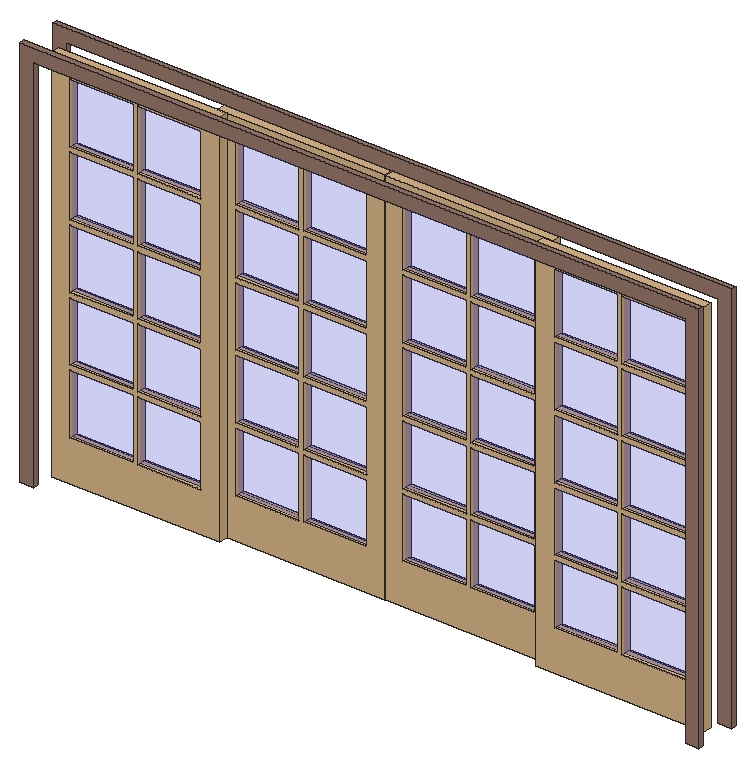
Revit family "0077_M_DR_W_sliding-4 panel 2", category 문, Revit 2026
Family settings
  호스트 = 벽
  항상 수직 = 예
  로드될 때 보이드를 사용하여 절단 = 아니오
  공유 = 아니오
  룸 계산 점 = 아니오
Parameters (values of type "144" x 84"")
  기능 = 내부
  Top Rail = 0' - 4"
  두께 = 0' - 2"
  Stile Width = 0' - 4"
  Muntin = 0' - 1"
  Bottom Rail = 0' - 9"
  조합 코드 = "C1020"
  Door Material = Door - Panel
  Frame Material = Door - Frame
  Height = 7' - 0"
  Trim Projection Ext = 0' - 1"
  Trim Projection Int = 0' - 1"
  Trim Width = 0' - 3"
  벽 마무리 = 호스트별
  Width = 12' - 0"
Types (7): name | Top Rail | 두께 | Stile Width | Muntin | Bottom Rail | 조합 코드 | Height | Trim Projection Ext | Trim Projection Int | Trim Width | Width
  144" x 84" | 0' - 4" | 0' - 2" | 0' - 4" | 0' - 1" | 0' - 9" | "C1020" | 7' - 0" | 0' - 1" | 0' - 1" | 0' - 3" | 12' - 0"
  120" x 80" | 0' - 4" | 0' - 2" | 0' - 4" | 0' - 1" | 0' - 9" | "C1020" | 6' - 8" | 0' - 1" | 0' - 1" | 0' - 3" | 10' - 0"
  192" x 84" | 0' - 4" | 0' - 2" | 0' - 4" | 0' - 1" | 0' - 9" | "C1020" | 7' - 0" | 0' - 1" | 0' - 1" | 0' - 3" | 16' - 0"
  192" x 80" | 0' - 4" | 0' - 2" | 0' - 4" | 0' - 1" | 0' - 9" | "C1020" | 6' - 8" | 0' - 1" | 0' - 1" | 0' - 3" | 16' - 0"
  120" x 84" | 0' - 4" | 0' - 2" | 0' - 4" | 0' - 1" | 0' - 9" | "C1020" | 7' - 0" | 0' - 1" | 0' - 1" | 0' - 3" | 10' - 0"
  144" x 80" | 0' - 4" | 0' - 2" | 0' - 4" | 0' - 1" | 0' - 9" | "C1020" | 6' - 8" | 0' - 1" | 0' - 1" | 0' - 3" | 12' - 0"
  3658 x 2134mm | 0' - 3.93701" | 0' - 1.9685" | 0' - 3.93701" | 0' - 0.98425" | 0' - 9.44882" | 0' - 0" | 7' - 0.01575" | 0' - 0.98425" | 0' - 0.98425" | 0' - 2.95276" | 12' - 0.01575"
Reference planes (in)
  plane 1: y = 0
  plane 2: z = 0
  plane 3: x = 0
  plane 4: x = -72
  plane 5: x = 72
  plane 6: z = 84
  plane 7: y = 9
  plane 8: y = 1
  plane 9: x = 1
  plane 10: x = -1
  plane 11: z = 80
  plane 12: x = 68
  plane 13: z = 9
  plane 14: z = 80
  plane 15: z = 9
  plane 16: x = -4
  plane 17: z = 81
  plane 18: z = 66.6
  plane 19: z = 52.2
  plane 20: z = 37.8
  plane 21: z = 23.4
  plane 22: z = 65.6
  plane 23: z = 51.2
  plane 24: z = 36.8
  plane 25: z = 22.4
  plane 26: y = 7
  plane 27: y = 5
  plane 28: z = 66.6
  plane 29: z = 52.2
  plane 30: z = 37.8
  plane 31: z = 23.4
  plane 32: z = 81
  plane 33: z = 65.6
  plane 34: z = 51.2
  plane 35: z = 36.8
  plane 36: z = 22.4
  plane 37: x = 36
  plane 38: x = -36
  plane 39: x = 35
  plane 40: x = 37
  plane 41: x = -35
  plane 42: x = -37
  plane 43: x = 53.5
  plane 44: x = 39
  plane 45: x = -33
  plane 46: x = -18.5
  plane 47: x = -53.5
  plane 48: x = -68
  plane 49: x = -39
  plane 50: x = 18.5
  plane 51: x = 33
  plane 52: x = 4
Forms (in)
  Extrusion 1, solid, material "Door - Frame" <- "Frame Material"
    sketch origin (-60, 9, 0) x (-1, 0, 0) y (0, 0, 1)
      loop
        line (-132, 0) -> (-132, 84) -> (12, 84) -> (12, 0) -> (15, 0) -> (15, 87) -> (-135, 87) -> (-135, 0) -> (-132, 0)
    from 0 to 1
  Extrusion 2, solid, material "Door - Frame" <- "Frame Material"
    sketch origin (0, 1, 0) x (0, 0, -1) y (-1, 0, 0)
      loop
        line (0, 72) -> (0, 75) -> (-87, 75) -> (-87, -75) -> (0, -75) -> (0, -72) -> (-84, -72) -> (-84, 72) -> (0, 72)
    from 0 to -1
  Extrusion 3, solid, material "Door - Panel" <- "Door Material"
    sketch origin (-60, 9, 0) x (-1, 0, 0) y (0, 0, 1)
      loop
        line (-132, 84) -> (-132, 0) -> (-95, 0) -> (-95, 84) -> (-132, 84)
      loop
        line (-128, 80) -> (-128, 66.6) -> (-114, 66.6) -> (-114, 80) -> (-128, 80)
      loop
        line (-128, 9) -> (-114, 9) -> (-114, 22.4) -> (-128, 22.4) -> (-128, 9)
      loop
        line (-128, 65.6) -> (-128, 52.2) -> (-114, 52.2) -> (-114, 65.6) -> (-128, 65.6)
      loop
        line (-128, 51.2) -> (-128, 37.8) -> (-114, 37.8) -> (-114, 51.2) -> (-128, 51.2)
      loop
        line (-128, 23.4) -> (-114, 23.4) -> (-114, 36.8) -> (-128, 36.8) -> (-128, 23.4)
      loop
        line (-99, 37.8) -> (-99, 51.2) -> (-113, 51.2) -> (-113, 37.8) -> (-99, 37.8)
      loop
        line (-99, 36.8) -> (-113, 36.8) -> (-113, 23.4) -> (-99, 23.4) -> (-99, 36.8)
      loop
        line (-99, 9) -> (-99, 22.4) -> (-113, 22.4) -> (-113, 9) -> (-99, 9)
      loop
        line (-99, 80) -> (-113, 80) -> (-113, 66.6) -> (-99, 66.6) -> (-99, 80)
      loop
        line (-99, 65.6) -> (-113, 65.6) -> (-113, 52.2) -> (-99, 52.2) -> (-99, 65.6)
      loop
        line (-25, 84) -> (-25, 0) -> (12, 0) -> (12, 84) -> (-25, 84)
      loop
        line (-21, 80) -> (-21, 66.6) -> (-7, 66.6) -> (-7, 80) -> (-21, 80)
      loop
        line (-21, 9) -> (-7, 9) -> (-7, 22.4) -> (-21, 22.4) -> (-21, 9)
      loop
        line (8, 9) -> (8, 22.4) -> (-6, 22.4) -> (-6, 9) -> (8, 9)
      loop
        line (8, 80) -> (-6, 80) -> (-6, 66.6) -> (8, 66.6) -> (8, 80)
      loop
        line (8, 65.6) -> (-6, 65.6) -> (-6, 52.2) -> (8, 52.2) -> (8, 65.6)
      loop
        line (8, 51.2) -> (-6, 51.2) -> (-6, 37.8) -> (8, 37.8) -> (8, 51.2)
      loop
        line (8, 36.8) -> (-6, 36.8) -> (-6, 23.4) -> (8, 23.4) -> (8, 36.8)
      loop
        line (-21, 23.4) -> (-7, 23.4) -> (-7, 36.8) -> (-21, 36.8) -> (-21, 23.4)
      loop
        line (-21, 37.8) -> (-7, 37.8) -> (-7, 51.2) -> (-21, 51.2) -> (-21, 37.8)
      loop
        line (-21, 52.2) -> (-7, 52.2) -> (-7, 65.6) -> (-21, 65.6) -> (-21, 52.2)
    from -4 to -2
  Extrusion 4, solid, material "Door - Panel" <- "Door Material"
    sketch origin (-60, 9, 0) x (-1, 0, 0) y (0, 0, 1)
      loop
        line (-60, 84) -> (-60, 0) -> (-23, 0) -> (-23, 84) -> (-60, 84)
      loop
        line (-56, 80) -> (-56, 66.6) -> (-42, 66.6) -> (-42, 80) -> (-56, 80)
      loop
        line (-56, 9) -> (-42, 9) -> (-42, 22.4) -> (-56, 22.4) -> (-56, 9)
      loop
        line (-56, 52.2) -> (-42, 52.2) -> (-42, 65.6) -> (-56, 65.6) -> (-56, 52.2)
      loop
        line (-27, 66.6) -> (-27, 80) -> (-41, 80) -> (-41, 66.6) -> (-27, 66.6)
      loop
        line (-27, 65.6) -> (-41, 65.6) -> (-41, 52.2) -> (-27, 52.2) -> (-27, 65.6)
      loop
        line (-27, 51.2) -> (-41, 51.2) -> (-41, 37.8) -> (-27, 37.8) -> (-27, 51.2)
      loop
        line (-56, 37.8) -> (-42, 37.8) -> (-42, 51.2) -> (-56, 51.2) -> (-56, 37.8)
      loop
        line (-27, 36.8) -> (-41, 36.8) -> (-41, 23.4) -> (-27, 23.4) -> (-27, 36.8)
      loop
        line (-56, 23.4) -> (-42, 23.4) -> (-42, 36.8) -> (-56, 36.8) -> (-56, 23.4)
      loop
        line (-27, 9) -> (-27, 22.4) -> (-41, 22.4) -> (-41, 9) -> (-27, 9)
      loop
        line (-97, 84) -> (-97, 0) -> (-60.125, 0) -> (-60.125, 84) -> (-97, 84)
      loop
        line (-79, 80) -> (-93, 80) -> (-93, 66.6) -> (-79, 66.6) -> (-79, 80)
      loop
        line (-78, 9) -> (-64, 9) -> (-64, 22.4) -> (-78, 22.4) -> (-78, 9)
      loop
        line (-78, 66.6) -> (-64, 66.6) -> (-64, 80) -> (-78, 80) -> (-78, 66.6)
      loop
        line (-78, 65.6) -> (-78, 52.2) -> (-64, 52.2) -> (-64, 65.6) -> (-78, 65.6)
      loop
        line (-79, 65.6) -> (-93, 65.6) -> (-93, 52.2) -> (-79, 52.2) -> (-79, 65.6)
      loop
        line (-78, 51.2) -> (-78, 37.8) -> (-64, 37.8) -> (-64, 51.2) -> (-78, 51.2)
      loop
        line (-79, 51.2) -> (-93, 51.2) -> (-93, 37.8) -> (-79, 37.8) -> (-79, 51.2)
      loop
        line (-78, 36.8) -> (-78, 23.4) -> (-64, 23.4) -> (-64, 36.8) -> (-78, 36.8)
      loop
        line (-79, 36.8) -> (-93, 36.8) -> (-93, 23.4) -> (-79, 23.4) -> (-79, 36.8)
      loop
        line (-79, 22.4) -> (-93, 22.4) -> (-93, 9) -> (-79, 9) -> (-79, 22.4)
    from -2 to 0
  Extrusion 5, solid, material "Glass"
    sketch origin (0, -0.04079, 0) x (0, 0, -1) y (1, 0, 0)
      loop
        line (-80, -4) -> (-80, -18) -> (-66.6, -18) -> (-66.6, -4) -> (-80, -4)
      loop
        line (-80, -19) -> (-80, -33) -> (-66.6, -33) -> (-66.6, -19) -> (-80, -19)
      loop
        line (-65.6, -33) -> (-52.2, -33) -> (-52.2, -19) -> (-65.6, -19) -> (-65.6, -33)
      loop
        line (-52.2, -18) -> (-52.2, -4) -> (-65.6, -4) -> (-65.6, -18) -> (-52.2, -18)
      loop
        line (-37.8, -33) -> (-37.8, -19) -> (-51.2, -19) -> (-51.2, -33) -> (-37.8, -33)
      loop
        line (-37.8, -18) -> (-37.8, -4) -> (-51.2, -4) -> (-51.2, -18) -> (-37.8, -18)
      loop
        line (-23.4, -33) -> (-23.4, -19) -> (-36.8, -19) -> (-36.8, -33) -> (-23.4, -33)
      loop
        line (-23.4, -18) -> (-23.4, -4) -> (-36.8, -4) -> (-36.8, -18) -> (-23.4, -18)
      loop
        line (-9, -33) -> (-9, -19) -> (-22.4, -19) -> (-22.4, -33) -> (-9, -33)
      loop
        line (-9, -18) -> (-9, -4) -> (-22.4, -4) -> (-22.4, -18) -> (-9, -18)
      loop
        line (-80, 33) -> (-80, 19) -> (-66.6, 19) -> (-66.6, 33) -> (-80, 33)
      loop
        line (-80, 4) -> (-66.6, 4) -> (-66.6, 18) -> (-80, 18) -> (-80, 4)
      loop
        line (-65.6, 4) -> (-52.2, 4) -> (-52.2, 18) -> (-65.6, 18) -> (-65.6, 4)
      loop
        line (-52.2, 19) -> (-52.2, 33) -> (-65.6, 33) -> (-65.6, 19) -> (-52.2, 19)
      loop
        line (-51.2, 4) -> (-37.8, 4) -> (-37.8, 18) -> (-51.2, 18) -> (-51.2, 4)
      loop
        line (-37.8, 19) -> (-37.8, 33) -> (-51.2, 33) -> (-51.2, 19) -> (-37.8, 19)
      loop
        line (-36.8, 19) -> (-23.4, 19) -> (-23.4, 33) -> (-36.8, 33) -> (-36.8, 19)
      loop
        line (-23.4, 4) -> (-23.4, 18) -> (-36.8, 18) -> (-36.8, 4) -> (-23.4, 4)
      loop
        line (-9, 4) -> (-9, 18) -> (-22.4, 18) -> (-22.4, 4) -> (-9, 4)
      loop
        line (-22.4, 19) -> (-9, 19) -> (-9, 33) -> (-22.4, 33) -> (-22.4, 19)
    from -8.45304 to -7.54079
  Extrusion 6, solid, material "Glass"
    sketch origin (-60, 9, 0) x (-1, 0, 0) y (0, 0, 1)
      loop
        line (-128, 80) -> (-128, 66.6) -> (-114, 66.6) -> (-114, 80) -> (-128, 80)
      loop
        line (-113, 80) -> (-113, 66.6) -> (-99, 66.6) -> (-99, 80) -> (-113, 80)
      loop
        line (-128, 65.6) -> (-128, 52.2) -> (-114, 52.2) -> (-114, 65.6) -> (-128, 65.6)
      loop
        line (-113, 65.6) -> (-113, 52.2) -> (-99, 52.2) -> (-99, 65.6) -> (-113, 65.6)
      loop
        line (-128, 51.2) -> (-128, 37.8) -> (-114, 37.8) -> (-114, 51.2) -> (-128, 51.2)
      loop
        line (-113, 51.2) -> (-113, 37.8) -> (-99, 37.8) -> (-99, 51.2) -> (-113, 51.2)
      loop
        line (-128, 36.8) -> (-128, 23.4) -> (-114, 23.4) -> (-114, 36.8) -> (-128, 36.8)
      loop
        line (-113, 36.8) -> (-113, 23.4) -> (-99, 23.4) -> (-99, 36.8) -> (-113, 36.8)
      loop
        line (-128, 22.4) -> (-128, 9) -> (-114, 9) -> (-114, 22.4) -> (-128, 22.4)
      loop
        line (-113, 22.4) -> (-113, 9) -> (-99, 9) -> (-99, 22.4) -> (-113, 22.4)
      loop
        line (-21, 80) -> (-21, 66.6) -> (-7, 66.6) -> (-7, 80) -> (-21, 80)
      loop
        line (-6, 80) -> (-6, 66.6) -> (8, 66.6) -> (8, 80) -> (-6, 80)
      loop
        line (-21, 65.6) -> (-21, 52.2) -> (-7, 52.2) -> (-7, 65.6) -> (-21, 65.6)
      loop
        line (-6, 52.2) -> (8, 52.2) -> (8, 65.6) -> (-6, 65.6) -> (-6, 52.2)
      loop
        line (-7, 37.8) -> (-7, 51.2) -> (-21, 51.2) -> (-21, 37.8) -> (-7, 37.8)
      loop
        line (-6, 37.8) -> (8, 37.8) -> (8, 51.2) -> (-6, 51.2) -> (-6, 37.8)
      loop
        line (8, 36.8) -> (-6, 36.8) -> (-6, 23.4) -> (8, 23.4) -> (8, 36.8)
      loop
        line (-7, 36.8) -> (-21, 36.8) -> (-21, 23.4) -> (-7, 23.4) -> (-7, 36.8)
      loop
        line (-6, 22.4) -> (-6, 9) -> (8, 9) -> (8, 22.4) -> (-6, 22.4)
      loop
        line (-21, 22.4) -> (-21, 9) -> (-7, 9) -> (-7, 22.4) -> (-21, 22.4)
    from -3.47821 to -2.51066
Lines and regions (in)
  Opening 1
    outline origin (-60, 1, 144) x (0, 0, -1) y (1, 0, 0)
      loop
        line (60, 132) -> (60, -12) -> (144, -12) -> (144, 132) -> (60, 132)
  symbolic lines, style "DoorsGlassProjection"
    curve 1: line (-33, 8, 0) -> (-4, 8, 0)
    curve 15: line (39, 6, 0) -> (68, 6, 0)
    curve 24: line (4, 8, 0) -> (33, 8, 0)
    curve 33: line (-39, 6, 0) -> (-68, 6, 0)
  symbolic lines, style "DoorsPanelProjection"
    curve 2: line (68, 7, 0) -> (72, 7, 0)
    curve 3: line (68, 7, 0) -> (68, 5, 0)
    curve 4: line (68, 5, 0) -> (72, 5, 0)
    curve 5: line (72, 7, 0) -> (72, 5, 0)
    curve 6: line (-4, 9, 0) -> (4, 9, 0)
    curve 7: line (-4, 9, 0) -> (-4, 7, 0)
    curve 8: line (-4, 7, 0) -> (4, 7, 0)
    curve 9: line (4, 9, 0) -> (4, 7, 0)
    curve 10: line (-4, 7, 0) -> (4, 7, 0)
    curve 11: line (-37, 9, 0) -> (-33, 9, 0)
    curve 12: line (-37, 9, 0) -> (-37, 7, 0)
    curve 13: line (-37, 7, 0) -> (-33, 7, 0)
    curve 14: line (-33, 9, 0) -> (-33, 7, 0)
    curve 16: line (39, 7, 0) -> (33, 7, 0)
    curve 17: line (33, 7, 0) -> (33, 9, 0)
    curve 18: line (33, 9, 0) -> (37, 9, 0)
    curve 19: line (37, 9, 0) -> (37, 7, 0)
    curve 20: line (39, 7, 0) -> (39, 5, 0)
    curve 21: line (39, 5, 0) -> (35, 5, 0)
    curve 22: line (35, 5, 0) -> (35, 7, 0)
    curve 23: line (0, 9, 0) -> (0, 7, 0)
    curve 25: line (-72, 7, 0) -> (-68, 7, 0)
    curve 26: line (-72, 5, 0) -> (-72, 7, 0)
    curve 27: line (-68, 5, 0) -> (-72, 5, 0)
    curve 28: line (-68, 7, 0) -> (-68, 5, 0)
    curve 29: line (-35, 7, 0) -> (-35, 5, 0)
    curve 30: line (-35, 5, 0) -> (-39, 5, 0)
    curve 31: line (-39, 5, 0) -> (-39, 7, 0)
    curve 32: line (-39, 7, 0) -> (-37, 7, 0)
Text (in)
  text "Exterior" at (-68.33502, 45.01493, 0), in view "Ground floor"
  text "Exterior" at (0, 35.48876, 116.93956), in view "Left"
Dimensions and locks (in)
  equal spacing: plane 4, plane 3, plane 5
  "Width": plane 4 to plane 5
  "Height": plane 2 to plane 6
  "Trim Width": plane 6 to Extrusion 1 sketch curve
  "Trim Width": plane 4 to Extrusion 1 sketch curve
  "Trim Width": plane 5 to Extrusion 1 sketch curve
  "Trim Projection Int": plane 8 to Extrusion 2
  "Trim Projection Ext": Extrusion 1 to Extrusion 1
  "Trim Width": Extrusion 2 sketch curve to plane 4
  "Trim Width": plane 5 to Extrusion 2 sketch curve
  "Trim Width": Extrusion 2 sketch curve to plane 6
  plane 10 to plane 3 to plane 9 = 0' - 1" locked, 0' - 1" locked
  "Top Rail": plane 11 to plane 6
  "Bottom Rail": plane 2 to plane 13
  "Stile Width": plane 12 to plane 5
  "Top Rail": plane 14 to plane 6
  "Muntin": plane 14 to plane 17
  equal spacing: plane 15, plane 21, plane 20, plane 19, plane 18, plane 17
  "Muntin": plane 18 to plane 22
  "Muntin": plane 19 to plane 23
  "Muntin": plane 20 to plane 24
  "Muntin": plane 21 to plane 25
  plane 27 to plane 26 to plane 7 = 0' - 2" locked, 0' - 2" locked
  "Muntin": plane 32 to plane 11
  equal spacing: plane 32, plane 28, plane 29, plane 30, plane 31, plane 13
  "Muntin": plane 28 to plane 33
  "Muntin": plane 29 to plane 34
  "Muntin": plane 30 to plane 35
  "Muntin": plane 31 to plane 36
  locked: Extrusion 4 to Extrusion 5 at 0.58775
  locked: Extrusion 4 to Extrusion 5 at 0.5
  plane 40 to plane 37 to plane 39 = 0' - 1" locked, 0' - 1" locked
  equal spacing: plane 39, plane 43, plane 5
  "Stile Width": plane 39 to plane 44
  equal spacing: Extrusion 3 sketch curve, plane 43, Extrusion 3 sketch curve
  "Muntin": Extrusion 3 sketch curve to Extrusion 3 sketch curve
  equal spacing: plane 3, plane 37, plane 5
  equal spacing: plane 3, plane 38, plane 4
  plane 41 to plane 38 to plane 42 = 0' - 1" locked, 0' - 1" locked
  "Stile Width": plane 45 to plane 42
  equal spacing: plane 16, plane 46, plane 45
  equal spacing: Extrusion 4 sketch curve, plane 46, Extrusion 4 sketch curve
  "Muntin": Extrusion 4 sketch curve to Extrusion 4 sketch curve
  "Stile Width": plane 3 to plane 16
  "Stile Width": plane 49 to plane 41
  "Stile Width": plane 4 to plane 48
  equal spacing: plane 48, plane 47, plane 49
  "Stile Width": plane 40 to plane 51
  "Stile Width": plane 52 to plane 3
  equal spacing: plane 51, plane 50, plane 52
  aligned and locked: Opening 1 sketch curve to plane 6
  aligned and locked: Opening 1 sketch curve to plane 4
  aligned and locked: plane 5 to Opening 1 sketch curve
  aligned and locked: host wall to plane 7
  aligned and locked: plane 8 to host wall
  aligned and locked: plane 6 to Extrusion 3 sketch curve
  aligned and locked: plane 5 to Extrusion 3 sketch curve
  aligned and locked: plane 6 to Extrusion 4 sketch curve
  aligned and locked: host wall to Extrusion 4 sketch curve  (x2)
  aligned and locked: plane 12 to Extrusion 3 sketch curve
  aligned and locked: plane 11 to Extrusion 3 sketch curve  (x2)
  aligned and locked: plane 14 to Extrusion 4 sketch curve
  aligned and locked: Extrusion 4 sketch curve to plane 16
  aligned and locked: host wall to Extrusion 4
  aligned and locked: Extrusion 3 to curve 3  (x2)
  aligned and locked: plane 28 to Extrusion 3 sketch curve
  aligned and locked: plane 33 to Extrusion 3 sketch curve
  aligned and locked: plane 29 to Extrusion 3 sketch curve
  aligned and locked: plane 34 to Extrusion 3 sketch curve
  aligned and locked: plane 31 to Extrusion 3 sketch curve
  aligned and locked: plane 36 to Extrusion 3 sketch curve
  aligned and locked: plane 39 to Extrusion 3 sketch curve
  aligned and locked: Extrusion 3 sketch curve to plane 44
  aligned and locked: Extrusion 3 to Extrusion 6 sketch curve  (x20)
  aligned and locked: Extrusion 6 sketch curve to Extrusion 3  (x60)
  aligned and locked: plane 42 to Extrusion 4 sketch curve
  aligned and locked: Extrusion 4 sketch curve to plane 45
  aligned and locked: Extrusion 4 sketch curve to plane 3
  aligned and locked: Extrusion 4 to Extrusion 5 sketch curve  (x20)
  aligned and locked: Extrusion 5 sketch curve to Extrusion 4  (x60)
  aligned and locked: plane 41 to Extrusion 3 sketch curve
  aligned and locked: host wall to Extrusion 3 sketch curve  (x2)
  aligned and locked: Extrusion 3 sketch curve to host wall
  aligned and locked: plane 40 to Extrusion 4 sketch curve
  aligned and locked: level to Extrusion 4 sketch curve
  aligned and locked: Extrusion 3 sketch curve to plane 13
  aligned and locked: plane 49 to Extrusion 3 sketch curve
  aligned and locked: Extrusion 3 sketch curve to plane 48
  aligned and locked: curve 14 to Extrusion 4
  aligned and locked: curve 12 to plane 42
  aligned and locked: curve 3 to Extrusion 6
  aligned and locked: curve 9 to Extrusion 4
  aligned and locked: curve 28 to Extrusion 3
  aligned and locked: curve 26 to plane 4
  aligned and locked: curve 21 to plane 27
  aligned and locked: plane 27 to curve 30
  aligned and locked: curve 27 to Extrusion 3
  aligned and locked: curve 31 to Extrusion 3
  aligned and locked: curve 7 to Extrusion 4
  aligned and locked: curve 17 to Extrusion 4
  aligned and locked: curve 20 to curve 15
Automatic sketch dimensions
  Opening 1 sketch curve to level = 0' - 0"
  Extrusion 1 sketch curve to level = 0' - 0"  (x2)
  Extrusion 1 sketch curve to plane 5 = 0' - 0"
  Extrusion 1 sketch curve to plane 4 = 0' - 0"
  Extrusion 1 sketch curve to plane 6 = 0' - 0"
  Extrusion 2 sketch curve to plane 4 = 0' - 0"
  Extrusion 2 sketch curve to plane 6 = 0' - 0"
  Extrusion 2 sketch curve to level = 0' - 0"  (x2)
  Extrusion 2 sketch curve to plane 5 = 0' - 0"
  Extrusion 3 sketch curve to plane 12 = 0' - 0"  (x4)
  Extrusion 3 sketch curve to plane 35 = 0' - 0"  (x4)
  Extrusion 3 sketch curve to plane 30 = 0' - 0"  (x4)
  Extrusion 3 sketch curve to plane 11 = 0' - 0"  (x2)
  Extrusion 3 sketch curve to plane 28 = 0' - 0"  (x3)
  Extrusion 3 sketch curve to plane 31 = 0' - 0"  (x3)
  Extrusion 3 sketch curve to plane 33 = 0' - 0"  (x3)
  Extrusion 3 sketch curve to plane 29 = 0' - 0"  (x3)
  Extrusion 3 sketch curve to plane 34 = 0' - 0"  (x3)
  Extrusion 3 sketch curve to plane 44 = 0' - 0"  (x4)
  Extrusion 3 sketch curve to plane 13 = 0' - 0"  (x3)
  Extrusion 3 sketch curve to level = 0' - 0"
  Extrusion 3 sketch curve to plane 36 = 0' - 0"  (x3)
  plane 43 to Extrusion 3 sketch curve = 0' - 0 1/2"  (x4)
  Extrusion 3 sketch curve to plane 43 = 0' - 0 1/2"  (x4)
  plane 47 to Extrusion 3 sketch curve = 0' - 0 1/2"  (x5)
  Extrusion 3 sketch curve to plane 47 = 0' - 0 1/2"  (x5)
  Extrusion 3 sketch curve to plane 49 = 0' - 0"  (x4)
  Extrusion 3 sketch curve to plane 48 = 0' - 0"  (x4)
  Extrusion 4 sketch curve to plane 51 = 0' - 0"  (x5)
  Extrusion 4 sketch curve to plane 18 = 0' - 0"  (x4)
  Extrusion 4 sketch curve to plane 15 = 0' - 0"  (x4)
  Extrusion 4 sketch curve to plane 20 = 0' - 0"  (x4)
  Extrusion 4 sketch curve to plane 21 = 0' - 0"  (x4)
  Extrusion 4 sketch curve to plane 22 = 0' - 0"  (x4)
  Extrusion 4 sketch curve to plane 24 = 0' - 0"  (x4)
  Extrusion 4 sketch curve to plane 14 = 0' - 0"  (x3)
  Extrusion 4 sketch curve to plane 25 = 0' - 0"  (x4)
  Extrusion 4 sketch curve to plane 23 = 0' - 0"  (x4)
  Extrusion 4 sketch curve to plane 19 = 0' - 0"  (x4)
  Extrusion 4 sketch curve to plane 52 = 0' - 0"  (x5)
  Extrusion 4 sketch curve to plane 16 = 0' - 0"  (x4)
  Extrusion 4 sketch curve to plane 45 = 0' - 0"  (x4)
  plane 50 to Extrusion 4 sketch curve = 0' - 0 1/2"  (x5)
  Extrusion 4 sketch curve to plane 50 = 0' - 0 1/2"  (x5)
  plane 3 to Extrusion 4 sketch curve = 0' - 0 1/8"
  plane 46 to Extrusion 4 sketch curve = 0' - 0 1/2"  (x4)
  Extrusion 4 sketch curve to plane 46 = 0' - 0 1/2"  (x4)
  curve 32 to plane 26 = 0' - 0"
  curve 32 to plane 42 = 0' - 0"
  curve 29 to plane 41 = 0' - 0"
  curve 23 to host wall = 0' - 0"
  curve 23 to plane 3 = 0' - 0"
  curve 22 to plane 39 = 0' - 0"
  curve 18 to host wall = 0' - 0"
  curve 18 to plane 40 = 0' - 0"
  curve 20 to plane 26 = 0' - 0"
  curve 4 to plane 5 = 0' - 0"
  curve 7 to plane 26 = 0' - 0"
  curve 13 to plane 26 = 0' - 0"
  curve 26 to plane 26 = 0' - 0"
  curve 23 to plane 26 = 0' - 0"
  curve 29 to plane 26 = 0' - 0"
  curve 7 to host wall = 0' - 0"
  curve 11 to host wall = 0' - 0"
  curve 24 to curve 6 = 0' - 0"
  plane 40 to curve 20 = 0' - 2"
  curve 30 to curve 33 = 0' - 1"
  curve 3 to curve 15 = 0' - 1"
  curve 16 to curve 24 = 0' - 1"
  curve 1 to curve 11 = 0' - 1"
